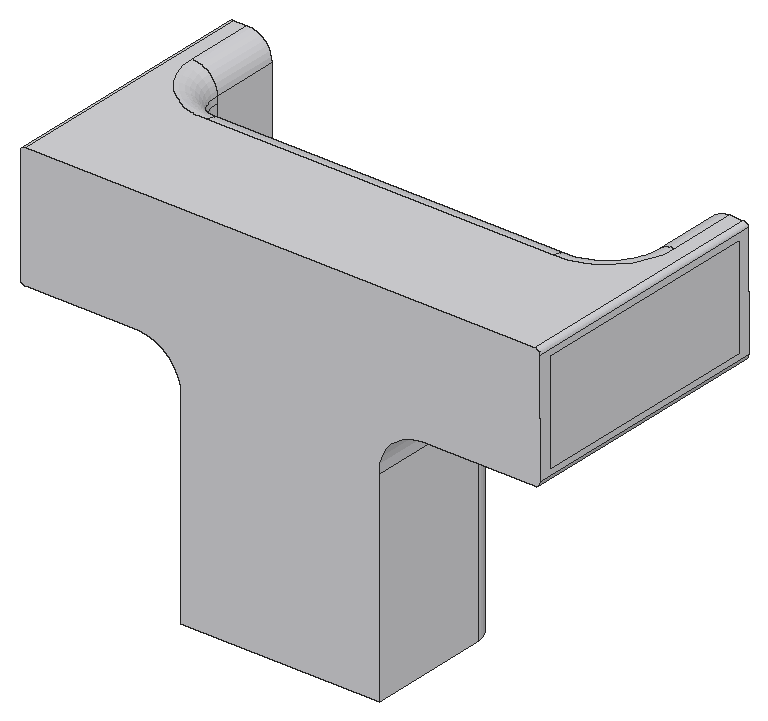
Revit family "Accessory-Robe_Hook-KOHLER-STRAYT-K-37346T_1", category Specialty Equipment, host Face, Revit 2017
Family settings
  Host = Face
  Round Connector Dimension = Use Diameter
  Part Type = Normal
  OmniClass Number = 23.31.25.27
  OmniClass Title = Robe Hooks
  Cut with Voids When Loaded = No
  Shared = No
  Room Calculation Point = No
Parameters (values of type "CP-Polished Chrome")
  Width = 3 79/256"  # constant formula
  White C = Type = 1  # yes
  WaterSense Certified = 1 = 0  # no
  WC = Type = 1  # yes
  URL = "http://www.kohler.com.cn/"
  Type = 1
  Red White C = or(Type = 2, Type = 3)  # no
  Red C = Type = 2  # no
  Product Page URL = "https://www.kohler.com.cn/product/K-37346T-CP/K-37346T-CP/"
  Product Name = "STRAYT"  # constant formula
  Product Documentation Link = "https://files.kohler.com.cn/pdfs/37346t.pdf"
  Model = if(Type = 1, "K-37346T-CP", if(Type = 2, "K-37346T-DPR-CP", if(Type = 3, "K-37346T-DPW-CP", "NA")))  # "K-37346T-CP"
  Material = "Premium Metal Costruction "  # constant formula
  Master Format 2014 Name = "Toilet, Bath, and Laundry Accessories"  # constant formula
  Master Format 2014 = "10 28 00"  # constant formula
  Manufacturer Address = "Kohler Beijing Office (100016) 36-2-03-B, No. 88, Liuxiang Road, Beijing"  # constant formula
  Manufacturer = "KOHLER Co."  # constant formula
  Length = 2 93/256"  # constant formula
  Height = 1 167/256"  # constant formula
  Finish = Kohler-Metal-CP-Polished_Chrome
  Environmental Product Declaration = ""
  Description = "Double hook"  # constant formula
  Default Elevation = 42"
  Declare Label = ""
  Date Modified = "08/28/2020"  # constant formula
  Date Created = "08/28/2020"  # constant formula
  Copyright = "Copyright KOHLER Co."  # constant formula
  Contact Us = "http://www.kohler.com.cn/contact/contact-us/"
  Assembly Code = "C1030200"
  ADA Compliant = 1 = 0  # no
Reference planes (in)
  plane 1 "Center (Front/Back)": y = 0
  plane 2: z = 0
  plane 3 "Center (Left/Right)": x = 0
  plane 4: y = 1.65234
  plane 5: x = -1.65354
  plane 6: x = 1.65505
  plane 7: z = 2.36328
  plane 8: z = 1.5748
  plane 9: y = 0.94488
  plane 10: y = 0.76772
  plane 11: y = 1.21014
  plane 12: x = -1.55512
  plane 13: x = -1.37795
  plane 14: x = -1.1029
  plane 15: x = 1.55512
  plane 16: x = 1.37795
  plane 17: x = 1.1029
  plane 18: x = -1.62487
  plane 19: x = 1.62487
  plane 20: z = 2.18489
  plane 21: z = 1.75197
  plane 22: x = 1.06309
  plane 23: x = -1.06309
  plane 24: x = 0.62992
  plane 25: x = 0.45276
  plane 26: x = -0.62992
  plane 27: x = -0.45276
  plane 28: z = 1.60241
Dimensions and locks (in)
  "Width": plane 5 to plane 6
  "Height": plane 1 "Center (Front/Back)" to plane 4
  "Length": plane 7 to level
  plane 8 to level = 1.5748"
  aligned and locked: plane 2 to host face
  aligned and locked: level to host face
Automatic sketch dimensions
  host sketch curve to host sketch curve = 96"  (x2)
Nested families (in)
  nested 1: "K-37346T" at (0, 0, 0), type "K-37346T"
Definition of nested family "K-37346T"
  Parameters (values of type "K-37346T")
    Withuot Color = yes
    White = yes
    Red White = yes
    Red = yes
    Material = none
  Reference planes (in)
    plane 1 "Center (Front/Back)": y = 0
    plane 2: z = 0
    plane 3 "Center (Left/Right)": x = 0
    plane 4: z = 2.18489
    plane 5: z = 1.75212
    plane 6: x = 1.65354
    plane 7: x = -1.65354
    plane 8: z = 2.3622
    plane 9: y = 1.65354
    plane 10: x = -1.37795
    plane 11: x = 1.37795
    plane 12: x = 1.62487
    plane 13: y = 1.21014
    plane 14: y = 0.94488
    plane 15: y = 0.76772
    plane 16: x = -1.1029
    plane 17: x = 1.1029
    plane 18: x = -1.62487
    plane 19: x = -1.55512
    plane 20: y = 0.02598
    plane 21: y = 1.62487
    plane 22: x = 1.06309
    plane 23: x = 0.45276
    plane 24: x = 0.62992
    plane 25: x = 0.90551
    plane 26: x = -0.45276
    plane 27: x = -0.62992
    plane 28: x = -0.90551
    plane 29: z = 1.5748
    plane 30: z = 2.33523
    plane 31: z = 1.60241
  Forms (in)
    Extrusion 1, void
      sketch origin (0, 0, 0) x (1, 0, 0) y (0, 1, 0)
        loop
          arc (1.10236, 0.94488) -> (1.29723, 1.0256) -> (1.37795, 1.22047) r 0.27559
          line (1.37795, 1.22047) -> (1.37795, 1.77517) -> (-1.37795, 1.77517) -> (-1.37795, 1.22047)
          arc (-1.37795, 1.22047) -> (-1.29723, 1.0256) -> (-1.10236, 0.94488) r 0.27559
          line (-1.10236, 0.94488) -> (1.10236, 0.94488)
      from -0.12272 to 2.56602
    Sweep 2, solid, material <- "Material", detail levels medium+fine
      path in 3D
        loop
          line (-0.62992, 0.94488, 0) -> (-0.62992, 0.94488, 1.29921)
          arc (-0.62992, 0.94488, 1.29921) -> (-0.71064, 0.94488, 1.49408) -> (-0.90551, 0.94488, 1.5748) r 0.27559
          line (-0.90551, 0.94488, 1.5748) -> (-1.10236, 0.94488, 1.5748)
          arc (-1.10236, 0.94488, 1.5748) -> (-1.29723, 1.0256, 1.5748) -> (-1.37795, 1.22047, 1.5748) r 0.27559
          line (-1.37795, 1.22047, 1.5748) -> (-1.37795, 1.65354, 1.5748)
      profile origin (-0.62992, 0.94488, 0.64961) x (0, 1, 0) y (-1, 0, 0)
        loop
          arc (0, -0.15748) -> (-0.04612, -0.04612) -> (-0.15748, 0) r 0.15748
          line (-0.15748, 0) -> (-0.19685, 0) -> (-0.19685, -0.19685) -> (0, -0.19685) -> (0, -0.15748)
    Sweep 3, solid, material <- "Material", detail levels medium+fine
      path in 3D
        loop
          line (1.37795, 1.65354, 2.3622) -> (1.37795, 1.22047, 2.3622)
          arc (1.37795, 1.22047, 2.3622) -> (1.29723, 1.0256, 2.3622) -> (1.10236, 0.94488, 2.3622) r 0.27559
          line (1.10236, 0.94488, 2.3622) -> (-1.10236, 0.94488, 2.3622)
          arc (-1.10236, 0.94488, 2.3622) -> (-1.29723, 1.0256, 2.3622) -> (-1.37795, 1.22047, 2.3622) r 0.27559
          line (-1.37795, 1.22047, 2.3622) -> (-1.37795, 1.65354, 2.3622)
      profile origin (1.37795, 1.43701, 2.3622) x (1, 0, 0) y (0, 0, 1)
        loop
          arc (0.15748, 0) -> (0.04612, -0.04612) -> (0, -0.15748) r 0.15748
          line (0, -0.15748) -> (0, -0.19685) -> (0.19685, -0.19685) -> (0.19685, 0) -> (0.15748, 0)
    Sweep 4, solid, material <- "Material", detail levels medium+fine
      path in 3D
        loop
          line (0.62992, 0.94488, 0) -> (0.62992, 0.94488, 1.29921)
          arc (0.62992, 0.94488, 1.29921) -> (0.71064, 0.94488, 1.49408) -> (0.90551, 0.94488, 1.5748) r 0.27559
          line (0.90551, 0.94488, 1.5748) -> (1.10236, 0.94488, 1.5748)
          arc (1.10236, 0.94488, 1.5748) -> (1.29723, 1.0256, 1.5748) -> (1.37795, 1.22047, 1.5748) r 0.27559
          line (1.37795, 1.22047, 1.5748) -> (1.37795, 1.65354, 1.5748)
      profile origin (0.62992, 0.94488, 0.64961) x (0, -1, 0) y (1, 0, 0)
        loop
          line (0, -0.15748) -> (0, -0.19685) -> (0.19685, -0.19685) -> (0.19685, 0) -> (0.15748, 0)
          arc (0.15748, 0) -> (0.04612, -0.04612) -> (0, -0.15748) r 0.15748
    Extrusion 5, solid, material <- "Material", detail levels medium+fine
      sketch origin (0, 0, 0) x (1, 0, 0) y (0, 0, 1)
        loop
          line (1.5748, 2.16535) -> (-1.5748, 2.16535) -> (-1.5748, 2.3622) -> (-1.65354, 2.3622) -> (-1.65354, 1.5748) -> (-1.5748, 1.5748) -> (-1.5748, 1.77165) -> (-0.90551, 1.77165)
          arc (-0.90551, 1.77165) -> (-0.57145, 1.63328) -> (-0.43307, 1.29921) r 0.47244
          line (-0.43307, 1.29921) -> (-0.43307, 0) -> (0.43307, 0) -> (0.43307, 1.29921)
          arc (0.43307, 1.29921) -> (0.57145, 1.63328) -> (0.90551, 1.77165) r 0.47244
          line (0.90551, 1.77165) -> (1.5748, 1.77165) -> (1.5748, 1.5748) -> (1.65354, 1.5748) -> (1.65354, 2.3622) -> (1.5748, 2.3622) -> (1.5748, 2.16535)
      from -1.65354 to 0
    Extrusion 6, solid, material <- "Material", detail levels medium+fine
      sketch origin (0, 0, 0) x (1, 0, 0) y (0, 1, 0)
        loop
          line (1.10236, 0.74803) -> (-0.43307, 0.74803) -> (-1.10236, 0.74803)
          arc (-1.10236, 0.74803) -> (-1.43643, 0.88641) -> (-1.5748, 1.22047) r 0.47244
          line (-1.5748, 1.22047) -> (-1.5748, 0) -> (1.5748, 0) -> (1.5748, 1.22047)
          arc (1.5748, 1.22047) -> (1.43643, 0.88641) -> (1.10236, 0.74803) r 0.47244
      from 0 to 2.3622
    Extrusion 7, void
      sketch origin (0, 0, 0) x (1, 0, 0) y (0, 0, 1)
        loop
          arc (0.90551, 1.5748) -> (0.71064, 1.49408) -> (0.62992, 1.29921) r 0.27559
          line (0.62992, 1.29921) -> (0.62992, -0.25818) -> (1.65354, -0.25818) -> (1.65354, 1.5748) -> (0.90551, 1.5748)
        loop
          arc (-0.62992, 1.29921) -> (-0.71064, 1.49408) -> (-0.90551, 1.5748) r 0.27559
          line (-0.90551, 1.5748) -> (-1.65354, 1.5748) -> (-1.65354, -0.25818) -> (-0.62992, -0.25818) -> (-0.62992, 1.29921)
      from -1.87388 to 0.32766
    Sweep 8, void
      path in 3D
        loop
          line (1.65354, 0, 1.5748) -> (1.65354, 1.65354, 1.5748)
      profile origin (1.65354, 0.82677, 1.5748) x (1, 0, 0) y (0, 0, -1)
        loop
          arc (-0.03322, 0) -> (-0.00973, -0.00973) -> (0, -0.03322) r 0.03322
          line (0, -0.03322) -> (0, -0.06461) -> (0.03155, -0.06461) -> (0.03155, 0.03175) -> (-0.06531, 0.03175) -> (-0.06531, 0) -> (-0.03322, 0)
        loop
          line (-0.03322, -0.7874) -> (-0.06531, -0.7874) -> (-0.06531, -0.81915) -> (0.03155, -0.81915) -> (0.03155, -0.72279) -> (0, -0.72279) -> (0, -0.75418)
          arc (0, -0.75418) -> (-0.00973, -0.77767) -> (-0.03322, -0.7874) r 0.03322
        loop
          arc (-3.27386, -0.7874) -> (-3.29736, -0.77767) -> (-3.30709, -0.75418) r 0.03322
          line (-3.30709, -0.75418) -> (-3.30709, -0.72279) -> (-3.33863, -0.72279) -> (-3.33863, -0.81915) -> (-3.24177, -0.81915) -> (-3.24177, -0.7874) -> (-3.27386, -0.7874)
        loop
          line (-3.27386, 0) -> (-3.24177, 0) -> (-3.24177, 0.03175) -> (-3.33863, 0.03175) -> (-3.33863, -0.06461) -> (-3.30709, -0.06461) -> (-3.30709, -0.03322)
          arc (-3.30709, -0.03322) -> (-3.29736, -0.00973) -> (-3.27386, 0) r 0.03322
    Extrusion 9, void
      sketch origin (0, 0, 0) x (0, 1, 0) y (0, 0, 1)
        loop
          line (1.58654, 2.29237) -> (0.07746, 2.29237) -> (0.07746, 1.64268) -> (1.58654, 1.64268) -> (1.58654, 2.29237)
      from 1.5748 to 1.74558
    Extrusion 10, void
      sketch origin (0, 0, 0) x (0, 1, 0) y (0, 0, -1)
        loop
          line (1.58654, -2.29237) -> (1.58654, -1.64268) -> (0.07746, -1.64268) -> (0.07746, -2.29237) -> (1.58654, -2.29237)
      from 1.5748 to 1.74558
    Extrusion 11, solid, material <- "Material", visible <- "Red White", detail levels medium+fine
      sketch origin (0, 0, 0) x (0, 1, 0) y (0, 0, 1)
        loop
          line (0.07746, 2.29237) -> (0.07746, 1.64268) -> (1.58654, 1.64268) -> (1.58654, 2.29237) -> (0.07746, 2.29237)
        loop
          arc (0.75212, 2.10087) -> (0.74072, 2.08672) -> (0.74585, 2.06929) r 0.01959
          line (0.74585, 2.06929) -> (0.89311, 1.91688)
          arc (0.89311, 1.91688) -> (0.90847, 1.91226) -> (0.92043, 1.92296) r 0.01641
          line (0.92043, 1.92296) -> (1.01169, 2.18942)
          arc (1.01169, 2.18942) -> (1.00811, 2.20356) -> (0.99372, 2.20599) r 0.01335
          line (0.99372, 2.20599) -> (0.75212, 2.10087)
        loop
          line (0.97083, 2.26378) -> (0.84576, 2.26378)
          arc (0.84576, 2.26378) -> (0.83162, 2.25615) -> (0.83024, 2.24014) r 0.01692
          line (0.83024, 2.24014) -> (0.84498, 2.20606)
          arc (0.84498, 2.20606) -> (0.85599, 2.1954) -> (0.87132, 2.19567) r 0.02
          line (0.87132, 2.19567) -> (0.97557, 2.24102)
          arc (0.97557, 2.24102) -> (0.98245, 2.25433) -> (0.97083, 2.26378) r 0.01187
        loop
          line (0.75725, 2.26378) -> (0.6183, 2.26378)
          arc (0.6183, 2.26378) -> (0.59472, 2.24817) -> (0.59988, 2.22036) r 0.02562
          line (0.59988, 2.22036) -> (0.68117, 2.13622)
          arc (0.68117, 2.13622) -> (0.69841, 2.12683) -> (0.71792, 2.12892) r 0.03286
          line (0.71792, 2.12892) -> (0.79625, 2.163)
          arc (0.79625, 2.163) -> (0.8082, 2.17537) -> (0.80792, 2.19257) r 0.0225
          line (0.80792, 2.19257) -> (0.785, 2.24555)
          arc (0.785, 2.24555) -> (0.77385, 2.25882) -> (0.75725, 2.26378) r 0.03023
        loop
          line (0.55695, 2.17493) -> (0.46983, 2.01158)
          arc (0.46983, 2.01158) -> (0.46396, 1.99162) -> (0.46649, 1.97097) r 0.05134
          line (0.46649, 1.97097) -> (0.48384, 1.91968)
          arc (0.48384, 1.91968) -> (0.49549, 1.90753) -> (0.51228, 1.9087) r 0.01985
          line (0.51228, 1.9087) -> (0.70863, 2.01783)
          arc (0.70863, 2.01783) -> (0.71789, 2.03121) -> (0.71293, 2.0467) r 0.0184
          line (0.71293, 2.0467) -> (0.5852, 2.17889)
          arc (0.5852, 2.17889) -> (0.57007, 2.18411) -> (0.55695, 2.17493) r 0.01765
        loop
          line (0.45054, 1.89527) -> (0.39969, 2.04561)
          arc (0.39969, 2.04561) -> (0.39105, 2.05985) -> (0.3772, 2.06909) r 0.03836
          line (0.3772, 2.06909) -> (0.32844, 2.08797)
          arc (0.32844, 2.08797) -> (0.31192, 2.08827) -> (0.29913, 2.07781) r 0.02398
          line (0.29913, 2.07781) -> (0.1756, 1.86884)
          arc (0.1756, 1.86884) -> (0.17278, 1.8517) -> (0.18228, 1.83715) r 0.02397
          line (0.18228, 1.83715) -> (0.25428, 1.78559)
          arc (0.25428, 1.78559) -> (0.27056, 1.77984) -> (0.28739, 1.7837) r 0.03099
          line (0.28739, 1.7837) -> (0.4403, 1.86875)
          arc (0.4403, 1.86875) -> (0.45022, 1.88016) -> (0.45054, 1.89527) r 0.0222
        loop
          line (0.37488, 2.24182) -> (0.43227, 2.07216)
          arc (0.43227, 2.07216) -> (0.44399, 2.063) -> (0.45704, 2.07013) r 0.01354
          line (0.45704, 2.07013) -> (0.54725, 2.23928)
          arc (0.54725, 2.23928) -> (0.54684, 2.25569) -> (0.53255, 2.26378) r 0.01666
          line (0.53255, 2.26378) -> (0.39064, 2.26378)
          arc (0.39064, 2.26378) -> (0.37712, 2.25684) -> (0.37488, 2.24182) r 0.01663
        loop
          line (0.59644, 1.91043) -> (0.3288, 1.76167)
          arc (0.3288, 1.76167) -> (0.3202, 1.74797) -> (0.32718, 1.73339) r 0.01676
          line (0.32718, 1.73339) -> (0.39768, 1.68289)
          arc (0.39768, 1.68289) -> (0.41382, 1.6787) -> (0.42861, 1.68641) r 0.02322
          line (0.42861, 1.68641) -> (0.61065, 1.89277)
          arc (0.61065, 1.89277) -> (0.61098, 1.90759) -> (0.59644, 1.91043) r 0.0115
        loop
          line (0.31231, 1.69561) -> (0.16175, 1.80343)
          arc (0.16175, 1.80343) -> (0.14626, 1.80668) -> (0.1334, 1.79745) r 0.01965
          line (0.1334, 1.79745) -> (0.09843, 1.73829) -> (0.09843, 1.6944)
          arc (0.09843, 1.6944) -> (0.10463, 1.67943) -> (0.1196, 1.67323) r 0.02118
          line (0.1196, 1.67323) -> (0.30513, 1.67323)
          arc (0.30513, 1.67323) -> (0.31688, 1.6818) -> (0.31231, 1.69561) r 0.01234
        loop
          line (0.12182, 1.85523) -> (0.26108, 2.09081)
          arc (0.26108, 2.09081) -> (0.26264, 2.1064) -> (0.25177, 2.11767) r 0.01864
          line (0.25177, 2.11767) -> (0.12053, 2.1685)
          arc (0.12053, 2.1685) -> (0.10549, 2.16675) -> (0.09843, 2.15335) r 0.01624
          line (0.09843, 2.15335) -> (0.09843, 1.86163)
          arc (0.09843, 1.86163) -> (0.10768, 1.8495) -> (0.12182, 1.85523) r 0.01257
        loop
          line (0.11372, 2.21335) -> (0.34963, 2.12199)
          arc (0.34963, 2.12199) -> (0.36435, 2.12493) -> (0.36793, 2.13951) r 0.01398
          line (0.36793, 2.13951) -> (0.3323, 2.24484)
          arc (0.3323, 2.24484) -> (0.32214, 2.25855) -> (0.3059, 2.26378) r 0.02787
          line (0.3059, 2.26378) -> (0.12314, 2.26378)
          arc (0.12314, 2.26378) -> (0.09749, 2.24248) -> (0.11372, 2.21335) r 0.02609
        loop
          line (0.74362, 1.98399) -> (0.59559, 1.81619)
          arc (0.59559, 1.81619) -> (0.59132, 1.79999) -> (0.60175, 1.78688) r 0.01869
          line (0.60175, 1.78688) -> (0.69763, 1.7424)
          arc (0.69763, 1.7424) -> (0.71642, 1.73832) -> (0.73516, 1.74263) r 0.04404
          line (0.73516, 1.74263) -> (0.86651, 1.80546)
          arc (0.86651, 1.80546) -> (0.89051, 1.83694) -> (0.879, 1.87481) r 0.04343
          line (0.879, 1.87481) -> (0.77288, 1.98466)
          arc (0.77288, 1.98466) -> (0.7581, 1.99073) -> (0.74362, 1.98399) r 0.01992
        loop
          line (0.70435, 1.69589) -> (0.5697, 1.75834)
          arc (0.5697, 1.75834) -> (0.5532, 1.76023) -> (0.53886, 1.75187) r 0.02634
          line (0.53886, 1.75187) -> (0.48956, 1.69599)
          arc (0.48956, 1.69599) -> (0.48735, 1.68129) -> (0.49983, 1.67323) r 0.0137
          line (0.49983, 1.67323) -> (0.69935, 1.67323)
          arc (0.69935, 1.67323) -> (0.71095, 1.68255) -> (0.70435, 1.69589) r 0.01188
        loop
          line (1.05942, 1.8541) -> (0.79068, 1.72554)
          arc (0.79068, 1.72554) -> (0.78239, 1.71231) -> (0.79084, 1.69917) r 0.01458
          line (0.79084, 1.69917) -> (0.84677, 1.67323) -> (1.11601, 1.67323)
          arc (1.11601, 1.67323) -> (1.14348, 1.68832) -> (1.14546, 1.7196) r 0.03254
          line (1.14546, 1.7196) -> (1.08686, 1.84431)
          arc (1.08686, 1.84431) -> (1.07518, 1.85492) -> (1.05942, 1.8541) r 0.02053
        loop
          line (1.08295, 1.94522) -> (1.17072, 1.75842)
          arc (1.17072, 1.75842) -> (1.183, 1.74954) -> (1.19705, 1.75523) r 0.01565
          line (1.19705, 1.75523) -> (1.32297, 1.91078)
          arc (1.32297, 1.91078) -> (1.3253, 1.92585) -> (1.31334, 1.93533) r 0.01516
          line (1.31334, 1.93533) -> (1.09847, 1.96619)
          arc (1.09847, 1.96619) -> (1.08445, 1.96034) -> (1.08295, 1.94522) r 0.01482
        loop
          line (1.05113, 1.92036) -> (1.01468, 1.99793)
          arc (1.01468, 1.99793) -> (1.00043, 2.00644) -> (0.9872, 1.99642) r 0.01484
          line (0.9872, 1.99642) -> (0.94464, 1.87214)
          arc (0.94464, 1.87214) -> (0.94901, 1.85549) -> (0.96605, 1.85308) r 0.01555
          line (0.96605, 1.85308) -> (1.03969, 1.88831)
          arc (1.03969, 1.88831) -> (1.05202, 1.90198) -> (1.05113, 1.92036) r 0.02415
        loop
          line (1.02612, 2.06615) -> (1.04263, 2.03103)
          arc (1.04263, 2.03103) -> (1.05425, 2.01685) -> (1.0712, 2.00988) r 0.03746
          line (1.0712, 2.00988) -> (1.19371, 1.99228)
          arc (1.19371, 1.99228) -> (1.21153, 1.99539) -> (1.22408, 2.00841) r 0.02916
          line (1.22408, 2.00841) -> (1.31456, 2.19473)
          arc (1.31456, 2.19473) -> (1.3178, 2.21204) -> (1.31177, 2.22857) r 0.03333
          line (1.31177, 2.22857) -> (1.28679, 2.26378) -> (1.10157, 2.26378)
          arc (1.10157, 2.26378) -> (1.08302, 2.25783) -> (1.07138, 2.24221) r 0.0319
          line (1.07138, 2.24221) -> (1.02405, 2.10402)
          arc (1.02405, 2.10402) -> (1.0214, 2.08488) -> (1.02612, 2.06615) r 0.05053
        loop
          line (1.21109, 1.67323) -> (1.48151, 1.67323)
          arc (1.48151, 1.67323) -> (1.49287, 1.68192) -> (1.48744, 1.69515) r 0.01176
          line (1.48744, 1.69515) -> (1.31253, 1.79714)
          arc (1.31253, 1.79714) -> (1.29316, 1.80053) -> (1.27625, 1.79049) r 0.02833
          line (1.27625, 1.79049) -> (1.20005, 1.69637)
          arc (1.20005, 1.69637) -> (1.19827, 1.68132) -> (1.21109, 1.67323) r 0.0142
        loop
          line (1.44646, 2.00075) -> (1.33062, 1.85766)
          arc (1.33062, 1.85766) -> (1.32667, 1.84219) -> (1.33585, 1.82912) r 0.01911
          line (1.33585, 1.82912) -> (1.53178, 1.71486)
          arc (1.53178, 1.71486) -> (1.54733, 1.71481) -> (1.55512, 1.72827) r 0.01552
          line (1.55512, 1.72827) -> (1.55512, 1.86324)
          arc (1.55512, 1.86324) -> (1.55183, 1.88442) -> (1.54226, 1.9036) r 0.06976
          line (1.54226, 1.9036) -> (1.47398, 1.99987)
          arc (1.47398, 1.99987) -> (1.46043, 2.00715) -> (1.44646, 2.00075) r 0.01728
        loop
          line (1.48209, 2.05649) -> (1.53143, 1.98692)
          arc (1.53143, 1.98692) -> (1.54603, 1.98204) -> (1.55512, 1.99447) r 0.01305
          line (1.55512, 1.99447) -> (1.55512, 2.13929)
          arc (1.55512, 2.13929) -> (1.54638, 2.15169) -> (1.53175, 2.14764) r 0.01318
          line (1.53175, 2.14764) -> (1.48319, 2.08836)
          arc (1.48319, 2.08836) -> (1.47726, 2.07261) -> (1.48209, 2.05649) r 0.02629
        loop
          line (1.46202, 2.12464) -> (1.55065, 2.23283)
          arc (1.55065, 2.23283) -> (1.55312, 2.25294) -> (1.536, 2.26378) r 0.01894
          line (1.536, 2.26378) -> (1.36542, 2.26378)
          arc (1.36542, 2.26378) -> (1.35148, 2.25529) -> (1.35262, 2.23902) r 0.01569
          line (1.35262, 2.23902) -> (1.43303, 2.12565)
          arc (1.43303, 2.12565) -> (1.44728, 2.11797) -> (1.46202, 2.12464) r 0.01824
        loop
          line (1.33724, 2.15131) -> (1.26666, 2.00595)
          arc (1.26666, 2.00595) -> (1.26696, 1.98936) -> (1.28053, 1.97981) r 0.01832
          line (1.28053, 1.97981) -> (1.35087, 1.96971)
          arc (1.35087, 1.96971) -> (1.36688, 1.97157) -> (1.37989, 1.98109) r 0.03157
          line (1.37989, 1.98109) -> (1.42348, 2.03494)
          arc (1.42348, 2.03494) -> (1.42984, 2.05204) -> (1.42458, 2.06951) r 0.02863
          line (1.42458, 2.06951) -> (1.36494, 2.1536)
          arc (1.36494, 2.1536) -> (1.35044, 2.16035) -> (1.33724, 2.15131) r 0.01615
      from 1.61024 to 1.65354
    Extrusion 12, solid, material <- "Material", visible <- "Red White", detail levels medium+fine
      sketch origin (0, 0, 0) x (0, 1, 0) y (0, 0, -1)
        loop
          line (0.07746, -2.29237) -> (1.58654, -2.29237) -> (1.58654, -1.64268) -> (0.07746, -1.64268) -> (0.07746, -2.29237)
        loop
          line (0.75212, -2.10087) -> (0.99372, -2.20599)
          arc (0.99372, -2.20599) -> (1.00811, -2.20356) -> (1.01169, -2.18942) r 0.01335
          line (1.01169, -2.18942) -> (0.92043, -1.92296)
          arc (0.92043, -1.92296) -> (0.90847, -1.91226) -> (0.89311, -1.91688) r 0.01641
          line (0.89311, -1.91688) -> (0.74585, -2.06929)
          arc (0.74585, -2.06929) -> (0.74072, -2.08672) -> (0.75212, -2.10087) r 0.01959
        loop
          arc (0.97083, -2.26378) -> (0.98245, -2.25433) -> (0.97557, -2.24102) r 0.01187
          line (0.97557, -2.24102) -> (0.87132, -2.19567)
          arc (0.87132, -2.19567) -> (0.85599, -2.1954) -> (0.84498, -2.20606) r 0.02
          line (0.84498, -2.20606) -> (0.83024, -2.24014)
          arc (0.83024, -2.24014) -> (0.83162, -2.25615) -> (0.84576, -2.26378) r 0.01692
          line (0.84576, -2.26378) -> (0.97083, -2.26378)
        loop
          arc (0.75725, -2.26378) -> (0.77385, -2.25882) -> (0.785, -2.24555) r 0.03023
          line (0.785, -2.24555) -> (0.80792, -2.19257)
          arc (0.80792, -2.19257) -> (0.8082, -2.17537) -> (0.79625, -2.163) r 0.0225
          line (0.79625, -2.163) -> (0.71792, -2.12892)
          arc (0.71792, -2.12892) -> (0.69841, -2.12683) -> (0.68117, -2.13622) r 0.03286
          line (0.68117, -2.13622) -> (0.59988, -2.22036)
          arc (0.59988, -2.22036) -> (0.59472, -2.24817) -> (0.6183, -2.26378) r 0.02562
          line (0.6183, -2.26378) -> (0.75725, -2.26378)
        loop
          arc (0.55695, -2.17493) -> (0.57007, -2.18411) -> (0.5852, -2.17889) r 0.01765
          line (0.5852, -2.17889) -> (0.71293, -2.0467)
          arc (0.71293, -2.0467) -> (0.71789, -2.03121) -> (0.70863, -2.01783) r 0.0184
          line (0.70863, -2.01783) -> (0.51228, -1.9087)
          arc (0.51228, -1.9087) -> (0.49549, -1.90753) -> (0.48384, -1.91968) r 0.01985
          line (0.48384, -1.91968) -> (0.46649, -1.97097)
          arc (0.46649, -1.97097) -> (0.46396, -1.99162) -> (0.46983, -2.01158) r 0.05134
          line (0.46983, -2.01158) -> (0.55695, -2.17493)
        loop
          arc (0.45054, -1.89527) -> (0.45022, -1.88016) -> (0.4403, -1.86875) r 0.0222
          line (0.4403, -1.86875) -> (0.28739, -1.7837)
          arc (0.28739, -1.7837) -> (0.27056, -1.77984) -> (0.25428, -1.78559) r 0.03099
          line (0.25428, -1.78559) -> (0.18228, -1.83715)
          arc (0.18228, -1.83715) -> (0.17278, -1.8517) -> (0.1756, -1.86884) r 0.02397
          line (0.1756, -1.86884) -> (0.29913, -2.07781)
          arc (0.29913, -2.07781) -> (0.31192, -2.08827) -> (0.32844, -2.08797) r 0.02398
          line (0.32844, -2.08797) -> (0.3772, -2.06909)
          arc (0.3772, -2.06909) -> (0.39105, -2.05985) -> (0.39969, -2.04561) r 0.03836
          line (0.39969, -2.04561) -> (0.45054, -1.89527)
        loop
          arc (0.37488, -2.24182) -> (0.37712, -2.25684) -> (0.39064, -2.26378) r 0.01663
          line (0.39064, -2.26378) -> (0.53255, -2.26378)
          arc (0.53255, -2.26378) -> (0.54684, -2.25569) -> (0.54725, -2.23928) r 0.01666
          line (0.54725, -2.23928) -> (0.45704, -2.07013)
          arc (0.45704, -2.07013) -> (0.44399, -2.063) -> (0.43227, -2.07216) r 0.01354
          line (0.43227, -2.07216) -> (0.37488, -2.24182)
        loop
          arc (0.59644, -1.91043) -> (0.61098, -1.90759) -> (0.61065, -1.89277) r 0.0115
          line (0.61065, -1.89277) -> (0.42861, -1.68641)
          arc (0.42861, -1.68641) -> (0.41382, -1.6787) -> (0.39768, -1.68289) r 0.02322
          line (0.39768, -1.68289) -> (0.32718, -1.73339)
          arc (0.32718, -1.73339) -> (0.3202, -1.74797) -> (0.3288, -1.76167) r 0.01676
          line (0.3288, -1.76167) -> (0.59644, -1.91043)
        loop
          arc (0.31231, -1.69561) -> (0.31688, -1.6818) -> (0.30513, -1.67323) r 0.01234
          line (0.30513, -1.67323) -> (0.1196, -1.67323)
          arc (0.1196, -1.67323) -> (0.10463, -1.67943) -> (0.09843, -1.6944) r 0.02118
          line (0.09843, -1.6944) -> (0.09843, -1.73829) -> (0.1334, -1.79745)
          arc (0.1334, -1.79745) -> (0.14626, -1.80668) -> (0.16175, -1.80343) r 0.01965
          line (0.16175, -1.80343) -> (0.31231, -1.69561)
        loop
          arc (0.12182, -1.85523) -> (0.10768, -1.8495) -> (0.09843, -1.86163) r 0.01257
          line (0.09843, -1.86163) -> (0.09843, -2.15335)
          arc (0.09843, -2.15335) -> (0.10549, -2.16675) -> (0.12053, -2.1685) r 0.01624
          line (0.12053, -2.1685) -> (0.25177, -2.11767)
          arc (0.25177, -2.11767) -> (0.26264, -2.1064) -> (0.26108, -2.09081) r 0.01864
          line (0.26108, -2.09081) -> (0.12182, -1.85523)
        loop
          arc (0.11372, -2.21335) -> (0.09749, -2.24248) -> (0.12314, -2.26378) r 0.02609
          line (0.12314, -2.26378) -> (0.3059, -2.26378)
          arc (0.3059, -2.26378) -> (0.32214, -2.25855) -> (0.3323, -2.24484) r 0.02787
          line (0.3323, -2.24484) -> (0.36793, -2.13951)
          arc (0.36793, -2.13951) -> (0.36435, -2.12493) -> (0.34963, -2.12199) r 0.01398
          line (0.34963, -2.12199) -> (0.11372, -2.21335)
        loop
          arc (0.74362, -1.98399) -> (0.7581, -1.99073) -> (0.77288, -1.98466) r 0.01992
          line (0.77288, -1.98466) -> (0.879, -1.87481)
          arc (0.879, -1.87481) -> (0.89051, -1.83694) -> (0.86651, -1.80546) r 0.04343
          line (0.86651, -1.80546) -> (0.73516, -1.74263)
          arc (0.73516, -1.74263) -> (0.71642, -1.73832) -> (0.69763, -1.7424) r 0.04404
          line (0.69763, -1.7424) -> (0.60175, -1.78688)
          arc (0.60175, -1.78688) -> (0.59132, -1.79999) -> (0.59559, -1.81619) r 0.01869
          line (0.59559, -1.81619) -> (0.74362, -1.98399)
        loop
          arc (0.70435, -1.69589) -> (0.71095, -1.68255) -> (0.69935, -1.67323) r 0.01188
          line (0.69935, -1.67323) -> (0.49983, -1.67323)
          arc (0.49983, -1.67323) -> (0.48735, -1.68129) -> (0.48956, -1.69599) r 0.0137
          line (0.48956, -1.69599) -> (0.53886, -1.75187)
          arc (0.53886, -1.75187) -> (0.5532, -1.76023) -> (0.5697, -1.75834) r 0.02634
          line (0.5697, -1.75834) -> (0.70435, -1.69589)
        loop
          arc (1.05942, -1.8541) -> (1.07518, -1.85492) -> (1.08686, -1.84431) r 0.02053
          line (1.08686, -1.84431) -> (1.14546, -1.7196)
          arc (1.14546, -1.7196) -> (1.14348, -1.68832) -> (1.11601, -1.67323) r 0.03254
          line (1.11601, -1.67323) -> (0.84677, -1.67323) -> (0.79084, -1.69917)
          arc (0.79084, -1.69917) -> (0.78239, -1.71231) -> (0.79068, -1.72554) r 0.01458
          line (0.79068, -1.72554) -> (1.05942, -1.8541)
        loop
          arc (1.08295, -1.94522) -> (1.08445, -1.96034) -> (1.09847, -1.96619) r 0.01482
          line (1.09847, -1.96619) -> (1.31334, -1.93533)
          arc (1.31334, -1.93533) -> (1.3253, -1.92585) -> (1.32297, -1.91078) r 0.01516
          line (1.32297, -1.91078) -> (1.19705, -1.75523)
          arc (1.19705, -1.75523) -> (1.183, -1.74954) -> (1.17072, -1.75842) r 0.01565
          line (1.17072, -1.75842) -> (1.08295, -1.94522)
        loop
          arc (1.05113, -1.92036) -> (1.05202, -1.90198) -> (1.03969, -1.88831) r 0.02415
          line (1.03969, -1.88831) -> (0.96605, -1.85308)
          arc (0.96605, -1.85308) -> (0.94901, -1.85549) -> (0.94464, -1.87214) r 0.01555
          line (0.94464, -1.87214) -> (0.9872, -1.99642)
          arc (0.9872, -1.99642) -> (1.00043, -2.00644) -> (1.01468, -1.99793) r 0.01484
          line (1.01468, -1.99793) -> (1.05113, -1.92036)
        loop
          arc (1.02612, -2.06615) -> (1.0214, -2.08488) -> (1.02405, -2.10402) r 0.05053
          line (1.02405, -2.10402) -> (1.07138, -2.24221)
          arc (1.07138, -2.24221) -> (1.08302, -2.25783) -> (1.10157, -2.26378) r 0.0319
          line (1.10157, -2.26378) -> (1.28679, -2.26378) -> (1.31177, -2.22857)
          arc (1.31177, -2.22857) -> (1.3178, -2.21204) -> (1.31456, -2.19473) r 0.03333
          line (1.31456, -2.19473) -> (1.22408, -2.00841)
          arc (1.22408, -2.00841) -> (1.21153, -1.99539) -> (1.19371, -1.99228) r 0.02916
          line (1.19371, -1.99228) -> (1.0712, -2.00988)
          arc (1.0712, -2.00988) -> (1.05425, -2.01685) -> (1.04263, -2.03103) r 0.03746
          line (1.04263, -2.03103) -> (1.02612, -2.06615)
        loop
          arc (1.21109, -1.67323) -> (1.19827, -1.68132) -> (1.20005, -1.69637) r 0.0142
          line (1.20005, -1.69637) -> (1.27625, -1.79049)
          arc (1.27625, -1.79049) -> (1.29316, -1.80053) -> (1.31253, -1.79714) r 0.02833
          line (1.31253, -1.79714) -> (1.48744, -1.69515)
          arc (1.48744, -1.69515) -> (1.49287, -1.68192) -> (1.48151, -1.67323) r 0.01176
          line (1.48151, -1.67323) -> (1.21109, -1.67323)
        loop
          arc (1.44646, -2.00075) -> (1.46043, -2.00715) -> (1.47398, -1.99987) r 0.01728
          line (1.47398, -1.99987) -> (1.54226, -1.9036)
          arc (1.54226, -1.9036) -> (1.55183, -1.88442) -> (1.55512, -1.86324) r 0.06976
          line (1.55512, -1.86324) -> (1.55512, -1.72827)
          arc (1.55512, -1.72827) -> (1.54733, -1.71481) -> (1.53178, -1.71486) r 0.01552
          line (1.53178, -1.71486) -> (1.33585, -1.82912)
          arc (1.33585, -1.82912) -> (1.32667, -1.84219) -> (1.33062, -1.85766) r 0.01911
          line (1.33062, -1.85766) -> (1.44646, -2.00075)
        loop
          arc (1.48209, -2.05649) -> (1.47726, -2.07261) -> (1.48319, -2.08836) r 0.02629
          line (1.48319, -2.08836) -> (1.53175, -2.14764)
          arc (1.53175, -2.14764) -> (1.54638, -2.15169) -> (1.55512, -2.13929) r 0.01318
          line (1.55512, -2.13929) -> (1.55512, -1.99447)
          arc (1.55512, -1.99447) -> (1.54603, -1.98204) -> (1.53143, -1.98692) r 0.01305
          line (1.53143, -1.98692) -> (1.48209, -2.05649)
        loop
          arc (1.46202, -2.12464) -> (1.44728, -2.11797) -> (1.43303, -2.12565) r 0.01824
          line (1.43303, -2.12565) -> (1.35262, -2.23902)
          arc (1.35262, -2.23902) -> (1.35148, -2.25529) -> (1.36542, -2.26378) r 0.01569
          line (1.36542, -2.26378) -> (1.536, -2.26378)
          arc (1.536, -2.26378) -> (1.55312, -2.25294) -> (1.55065, -2.23283) r 0.01894
          line (1.55065, -2.23283) -> (1.46202, -2.12464)
        loop
          arc (1.33724, -2.15131) -> (1.35044, -2.16035) -> (1.36494, -2.1536) r 0.01615
          line (1.36494, -2.1536) -> (1.42458, -2.06951)
          arc (1.42458, -2.06951) -> (1.42984, -2.05204) -> (1.42348, -2.03494) r 0.02863
          line (1.42348, -2.03494) -> (1.37989, -1.98109)
          arc (1.37989, -1.98109) -> (1.36688, -1.97157) -> (1.35087, -1.96971) r 0.03157
          line (1.35087, -1.96971) -> (1.28053, -1.97981)
          arc (1.28053, -1.97981) -> (1.26696, -1.98936) -> (1.26666, -2.00595) r 0.01832
          line (1.26666, -2.00595) -> (1.33724, -2.15131)
      from 1.61024 to 1.65354
    Extrusion 13, solid, material <- "Material", visible <- "Withuot Color", detail levels medium+fine
      sketch origin (0, 0, 0) x (1, 0, 0) y (0, 1, 0)
        loop
          line (1.5748, 1.58654) -> (1.5748, 0.07746) -> (1.65354, 0.07746) -> (1.65354, 1.58654) -> (1.5748, 1.58654)
        loop
          line (-1.5748, 1.58654) -> (-1.65354, 1.58654) -> (-1.65354, 0.07746) -> (-1.5748, 0.07746) -> (-1.5748, 1.58654)
      from 1.64268 to 2.29237
    Extrusion 14, solid, material <- "Material", visible <- "Red", detail levels medium+fine
      sketch origin (0, 0, 0) x (1, 0, 0) y (0, 1, 0)
        loop
          line (1.5748, 1.58654) -> (1.5748, 0.07746) -> (1.61417, 0.07746) -> (1.61417, 1.58654) -> (1.5748, 1.58654)
        loop
          line (-1.5748, 1.58654) -> (-1.61417, 1.58654) -> (-1.61417, 0.07746) -> (-1.5748, 0.07746) -> (-1.5748, 1.58654)
      from 1.64268 to 2.29237
    Extrusion 15, solid, material <- "Material", visible <- "White", detail levels medium+fine
      sketch origin (0, 0, 0) x (1, 0, 0) y (0, 1, 0)
        loop
          line (1.5748, 1.58654) -> (1.5748, 0.07746) -> (1.61417, 0.07746) -> (1.61417, 1.58654) -> (1.5748, 1.58654)
        loop
          line (-1.5748, 1.58654) -> (-1.61417, 1.58654) -> (-1.61417, 0.07746) -> (-1.5748, 0.07746) -> (-1.5748, 1.58654)
      from 1.64268 to 2.29237
    Extrusion 16, solid, material <- "Material", detail levels coarse
      sketch origin (0, 0, 0) x (1, 0, 0) y (0, 0, 1)
        loop
          line (1.65354, 2.3622) -> (-1.65354, 2.3622) -> (-1.65354, 1.5748) -> (-0.90551, 1.5748)
          arc (-0.90551, 1.5748) -> (-0.71064, 1.49408) -> (-0.62992, 1.29921) r 0.27559
          line (-0.62992, 1.29921) -> (-0.62992, 0) -> (0.62992, 0) -> (0.62992, 1.29921)
          arc (0.62992, 1.29921) -> (0.71064, 1.49408) -> (0.90551, 1.5748) r 0.27559
          line (0.90551, 1.5748) -> (1.65354, 1.5748) -> (1.65354, 2.3622)
      from -1.65354 to 0
    Extrusion 17, void
      sketch origin (0, 0, 0) x (1, 0, 0) y (0, 1, 0)
        loop
          line (1.37795, 1.80135) -> (-1.37795, 1.80135) -> (-1.37795, 0.98166) -> (1.37795, 0.98166) -> (1.37795, 1.80135)
      from -0.42089 to 3.28906
  Cuts and joins
    Sweep 8, Extrusion 9, Extrusion 10 cuts Sweep 2
    Sweep 8, Extrusion 9, Extrusion 10 cuts Sweep 3
    Sweep 8, Extrusion 9, Extrusion 10 cuts Sweep 4
    Extrusion 1, Sweep 8, Extrusion 9, Extrusion 10 cuts Extrusion 5
    Extrusion 7, Sweep 8, Extrusion 9, Extrusion 10 cuts Extrusion 6
    joined: Sweep 2, Sweep 3, Sweep 4, Extrusion 5, Extrusion 6
    Extrusion 17 cuts Extrusion 16
  Lines and regions (in)
    Masking region 1
      outline origin (0, 0, 0) x (1, 0, 0) y (0, 1, 0)
        loop
          line (-1.65354, 1.62487) -> (-1.65354, 0.02598)
          arc (-1.65354, 0.02598) -> (-1.64593, 0.00761) -> (-1.62757, 0) r 0.02598
          line (-1.62757, 0) -> (1.62591, 0)
          arc (1.62591, 0) -> (1.64545, 0.00809) -> (1.65354, 0.02764) r 0.02764
          line (1.65354, 0.02764) -> (1.65354, 1.62487)
          arc (1.65354, 1.62487) -> (1.64515, 1.64515) -> (1.62487, 1.65354) r 0.02867
          line (1.62487, 1.65354) -> (1.40376, 1.65354)
          arc (1.40376, 1.65354) -> (1.38551, 1.64598) -> (1.37795, 1.62773) r 0.02581
          line (1.37795, 1.62773) -> (1.37795, 1.21993)
          arc (1.37795, 1.21993) -> (1.29739, 1.02544) -> (1.1029, 0.94488) r 0.27505
          line (1.1029, 0.94488) -> (-1.1029, 0.94488)
          arc (-1.1029, 0.94488) -> (-1.29739, 1.02544) -> (-1.37795, 1.21993) r 0.27505
          line (-1.37795, 1.21993) -> (-1.37795, 1.62773)
          arc (-1.37795, 1.62773) -> (-1.38551, 1.64598) -> (-1.40376, 1.65354) r 0.02581
          line (-1.40376, 1.65354) -> (-1.62487, 1.65354)
          arc (-1.62487, 1.65354) -> (-1.64515, 1.64515) -> (-1.65354, 1.62487) r 0.02867
    Masking region 2
      outline origin (0, 0, 0) x (1, 0, 0) y (0, 0, 1)
        loop
          line (1.62673, 2.3622) -> (-1.62651, 2.3622)
          arc (-1.62651, 2.3622) -> (-1.64563, 2.35429) -> (-1.65354, 2.33517) r 0.02703
          line (-1.65354, 2.33517) -> (-1.65354, 1.60176)
          arc (-1.65354, 1.60176) -> (-1.64565, 1.5827) -> (-1.62658, 1.5748) r 0.02696
          line (-1.62658, 1.5748) -> (-0.90551, 1.5748)
          arc (-0.90551, 1.5748) -> (-0.71064, 1.49408) -> (-0.62992, 1.29921) r 0.27559
          line (-0.62992, 1.29921) -> (-0.62992, 0) -> (0.62992, 0) -> (0.62992, 1.29921)
          arc (0.62992, 1.29921) -> (0.71064, 1.49408) -> (0.90551, 1.5748) r 0.27559
          line (0.90551, 1.5748) -> (1.62623, 1.5748)
          arc (1.62623, 1.5748) -> (1.64554, 1.5828) -> (1.65354, 1.60212) r 0.02731
          line (1.65354, 1.60212) -> (1.65354, 2.33539)
          arc (1.65354, 2.33539) -> (1.64569, 2.35435) -> (1.62673, 2.3622) r 0.02682
    Masking region 3
      outline origin (0, 0, 0) x (0, 1, 0) y (0, 0, 1)
        loop
          line (1.62657, 2.3622) -> (0.02672, 2.3622)
          arc (0.02672, 2.3622) -> (0.00783, 2.35438) -> (0, 2.33548) r 0.02672
          line (0, 2.33548) -> (0, 0) -> (0.94488, 0) -> (0.94488, 1.5748) -> (1.62593, 1.5748)
          arc (1.62593, 1.5748) -> (1.64546, 1.58289) -> (1.65354, 1.60241) r 0.02761
          line (1.65354, 1.60241) -> (1.65354, 2.33523)
          arc (1.65354, 2.33523) -> (1.64564, 2.3543) -> (1.62657, 2.3622) r 0.02697
    sketch lines
      curve 1: line (-0.62992, 0.94488, 0) -> (-0.62992, 0.94488, 1.29921)
      curve 2: arc (-0.62992, 0.94488, 1.29921) -> (-0.71064, 0.94488, 1.49408) -> (-0.90551, 0.94488, 1.5748) r 0.27559
      curve 3: line (-0.90551, 0.94488, 1.5748) -> (-1.10236, 0.94488, 1.5748)
      curve 4: arc (-1.37795, 1.22047, 1.5748) -> (-1.29723, 1.0256, 1.5748) -> (-1.10236, 0.94488, 1.5748) r 0.27559
      curve 5: line (-1.37795, 1.22047, 1.5748) -> (-1.37795, 1.65354, 1.5748)
      curve 6: line (1.37795, 1.65354, 2.3622) -> (1.37795, 1.22047, 2.3622)
      curve 7: arc (1.10236, 0.94488, 2.3622) -> (1.29723, 1.0256, 2.3622) -> (1.37795, 1.22047, 2.3622) r 0.27559
      curve 8: line (1.10236, 0.94488, 2.3622) -> (-1.10236, 0.94488, 2.3622)
      curve 9: arc (-1.37795, 1.22047, 2.3622) -> (-1.29723, 1.0256, 2.3622) -> (-1.10236, 0.94488, 2.3622) r 0.27559
      curve 10: line (-1.37795, 1.22047, 2.3622) -> (-1.37795, 1.65354, 2.3622)
      curve 11: line (0.62992, 0.94488, 0) -> (0.62992, 0.94488, 1.29921)
      curve 12: arc (0.62992, 0.94488, 1.29921) -> (0.71064, 0.94488, 1.49408) -> (0.90551, 0.94488, 1.5748) r 0.27559
      curve 13: line (0.90551, 0.94488, 1.5748) -> (1.10236, 0.94488, 1.5748)
      curve 14: arc (1.37795, 1.22047, 1.5748) -> (1.29723, 1.0256, 1.5748) -> (1.10236, 0.94488, 1.5748) r 0.27559
      curve 15: line (1.37795, 1.22047, 1.5748) -> (1.37795, 1.65354, 1.5748)
      curve 16: line (1.65354, 0, 1.5748) -> (1.65354, 1.65354, 1.5748)
    symbolic lines, detail levels medium+fine
      curve 17: line (1.37795, 0, 2.20472) -> (1.37795, 0, 1.73228)
      curve 18: line (-1.37795, 0, 1.73228) -> (-1.37795, 0, 2.20472)
      curve 19: line (1.37795, 0, 1.75197) -> (0.89876, 0, 1.75197)
      curve 20: line (-0.45276, 0, 0) -> (-0.45276, 0, 1.30626)
      curve 21: line (0.45276, 0, 0) -> (0.45276, 0, 1.30597)
      curve 22: arc (1.37795, 0, 2.20472) -> (1.42408, 0, 2.31608) -> (1.53543, 0, 2.3622) r 0.15748
      curve 23: arc (1.37795, 0, 1.73228) -> (1.42408, 0, 1.62093) -> (1.53543, 0, 1.5748) r 0.15748
      curve 24: arc (-1.37795, 0, 2.20472) -> (-1.42408, 0, 2.31608) -> (-1.53543, 0, 2.3622) r 0.15748
      curve 25: arc (-1.53543, 0, 1.5748) -> (-1.41732, 0, 1.62812) -> (-1.37919, 0, 1.75197) r 0.15748
      curve 26: line (-0.89847, 0, 1.75197) -> (-1.37919, 0, 1.75197)
      curve 27: arc (0.89876, 0, 1.75197) -> (0.58339, 0, 1.62134) -> (0.45276, 0, 1.30597) r 0.446
      curve 28: arc (-0.45276, 0, 1.30626) -> (-0.5833, 0, 1.62142) -> (-0.89847, 0, 1.75197) r 0.44571
      curve 176: line (-1.55512, 1.62487, 0) -> (-1.55512, 1.21014, 0)
      curve 177: line (0, 0.76772, 0) -> (-1.11269, 0.76772, 0)
      curve 178: arc (-1.55512, 1.21014, 0) -> (-1.42553, 0.8973, 0) -> (-1.11269, 0.76772, 0) r 0.44243
      curve 179: line (1.55512, 1.62487, 0) -> (1.55512, 1.21014, 0)
      curve 180: line (0, 0.76772, 0) -> (1.11269, 0.76772, 0)
      curve 181: arc (1.55512, 1.21014, 0) -> (1.42553, 0.8973, 0) -> (1.11269, 0.76772, 0) r 0.44243
      curve 182: line (-1.55512, 1.21014, 0) -> (-1.37778, 1.21014, 0)
      curve 183: line (-1.1029, 0.94488, 0) -> (-1.1029, 0.76772, 0)
      curve 184: line (1.55512, 1.21014, 0) -> (1.37778, 1.21014, 0)
      curve 185: line (1.1029, 0.94488, 0) -> (1.1029, 0.76772, 0)
      curve 186: line (-1.65354, 1.62487, 0) -> (-1.37795, 1.62487, 0)
      curve 187: line (-1.62487, 1.62487, 0) -> (-1.62487, 0.00014, 0)
      curve 188: line (-1.65354, 0.02598, 0) -> (1.65349, 0.02598, 0)
      curve 189: line (1.62486, 0, 0) -> (1.62486, 1.62487, 0)
      curve 190: line (1.65354, 1.62487, 0) -> (1.37795, 1.62487, 0)
      curve 191: line (1.62673, 0, 2.3622) -> (1.62673, 0, 1.57481)
      curve 192: line (1.65354, 0, 1.60212) -> (1.54878, 0, 1.60212)
      curve 193: line (1.65354, 0, 2.33539) -> (1.55185, 0, 2.33539)
      curve 194: line (1.40536, 0, 2.1889) -> (1.40536, 0, 1.74554)
      curve 195: arc (1.55185, 0, 2.33539) -> (1.44826, 0, 2.29248) -> (1.40536, 0, 2.1889) r 0.14649
      curve 196: arc (1.54878, 0, 1.60212) -> (1.44737, 0, 1.64413) -> (1.40536, 0, 1.74554) r 0.14343
      curve 197: line (-1.62673, 0, 2.3622) -> (-1.62673, 0, 1.57481)
      curve 198: line (-1.65354, 0, 1.60212) -> (-1.54878, 0, 1.60212)
      curve 199: line (-1.65354, 0, 2.33539) -> (-1.55185, 0, 2.33539)
      curve 200: line (-1.40536, 0, 2.1889) -> (-1.40536, 0, 1.74554)
      curve 201: arc (-1.55185, 0, 2.33539) -> (-1.44826, 0, 2.29248) -> (-1.40536, 0, 2.1889) r 0.14649
      curve 202: arc (-1.54878, 0, 1.60212) -> (-1.44737, 0, 1.64413) -> (-1.40536, 0, 1.74554) r 0.14343
      curve 203: line (0, 1.62593, 1.5748) -> (0, 1.62593, 2.3622)
      curve 204: line (0, 1.65354, 1.60241) -> (0, 0, 1.60241)
      curve 205: line (0, 1.65354, 2.33523) -> (0, 0, 2.33523)
      curve 206: line (0, 0.02672, 2.3622) -> (0, 0.02672, 0)
      curve 207: line (0, 0.76787, 0) -> (0, 0.76787, 1.5748)
      curve 208: line (0.90551, 0, 1.5748) -> (0.90551, 0, 1.75197)
      curve 209: line (0.62992, 0, 1.29921) -> (0.45276, 0, 1.29921)
      curve 210: line (-0.62992, 0, 1.29921) -> (-0.45276, 0, 1.29921)
      curve 211: line (-0.90551, 0, 1.5748) -> (-0.90551, 0, 1.75197)
      curve 212: line (0, 0.94488, 1.5748) -> (0, 0, 1.5748)
    symbolic lines, visible <- "Red White", detail levels medium+fine
      curve 29: line (0, 1.46202, 2.12464) -> (0, 1.55065, 2.23283)
      curve 30: arc (0, 1.55065, 2.23283) -> (0, 1.55312, 2.25294) -> (0, 1.536, 2.26378) r 0.01894
      curve 31: line (0, 1.536, 2.26378) -> (0, 1.36542, 2.26378)
      curve 32: arc (0, 1.36542, 2.26378) -> (0, 1.35148, 2.25529) -> (0, 1.35262, 2.23902) r 0.01569
      curve 33: line (0, 1.35262, 2.23902) -> (0, 1.43303, 2.12565)
      curve 34: arc (0, 1.43303, 2.12565) -> (0, 1.44728, 2.11797) -> (0, 1.46202, 2.12464) r 0.01824
      curve 35: arc (0, 1.48319, 2.08836) -> (0, 1.47726, 2.07261) -> (0, 1.48209, 2.05649) r 0.02629
      curve 36: line (0, 1.48209, 2.05649) -> (0, 1.53143, 1.98692)
      curve 37: arc (0, 1.53143, 1.98692) -> (0, 1.54603, 1.98204) -> (0, 1.55512, 1.99447) r 0.01305
      curve 38: line (0, 1.55512, 1.99447) -> (0, 1.55512, 2.13929)
      curve 39: arc (0, 1.55512, 2.13929) -> (0, 1.54638, 2.15169) -> (0, 1.53175, 2.14764) r 0.01318
      curve 40: line (0, 1.53175, 2.14764) -> (0, 1.48319, 2.08836)
      curve 41: line (0, 1.54226, 1.9036) -> (0, 1.47398, 1.99987)
      curve 42: arc (0, 1.47398, 1.99987) -> (0, 1.46043, 2.00715) -> (0, 1.44646, 2.00075) r 0.01728
      curve 43: line (0, 1.44646, 2.00075) -> (0, 1.33062, 1.85766)
      curve 44: arc (0, 1.33062, 1.85766) -> (0, 1.32667, 1.84219) -> (0, 1.33585, 1.82912) r 0.01911
      curve 45: line (0, 1.33585, 1.82912) -> (0, 1.53178, 1.71486)
      curve 46: arc (0, 1.53178, 1.71486) -> (0, 1.54733, 1.71481) -> (0, 1.55512, 1.72827) r 0.01552
      curve 47: line (0, 1.55512, 1.72827) -> (0, 1.55512, 1.86324)
      curve 48: arc (0, 1.55512, 1.86324) -> (0, 1.55183, 1.88442) -> (0, 1.54226, 1.9036) r 0.06976
      curve 49: line (0, 1.27625, 1.79049) -> (0, 1.20005, 1.69637)
      curve 50: arc (0, 1.20005, 1.69637) -> (0, 1.19827, 1.68132) -> (0, 1.21109, 1.67323) r 0.0142
      curve 51: line (0, 1.21109, 1.67323) -> (0, 1.48151, 1.67323)
      curve 52: arc (0, 1.48151, 1.67323) -> (0, 1.49287, 1.68192) -> (0, 1.48744, 1.69515) r 0.01176
      curve 53: line (0, 1.48744, 1.69515) -> (0, 1.31253, 1.79714)
      curve 54: arc (0, 1.31253, 1.79714) -> (0, 1.29316, 1.80053) -> (0, 1.27625, 1.79049) r 0.02833
      curve 55: line (0, 1.19705, 1.75523) -> (0, 1.32297, 1.91078)
      curve 56: arc (0, 1.32297, 1.91078) -> (0, 1.3253, 1.92585) -> (0, 1.31334, 1.93533) r 0.01516
      curve 57: line (0, 1.31334, 1.93533) -> (0, 1.09847, 1.96619)
      curve 58: arc (0, 1.09847, 1.96619) -> (0, 1.08445, 1.96034) -> (0, 1.08295, 1.94522) r 0.01482
      curve 59: line (0, 1.08295, 1.94522) -> (0, 1.17072, 1.75842)
      curve 60: arc (0, 1.17072, 1.75842) -> (0, 1.183, 1.74954) -> (0, 1.19705, 1.75523) r 0.01565
      curve 61: line (0, 1.28053, 1.97981) -> (0, 1.35087, 1.96971)
      curve 62: arc (0, 1.35087, 1.96971) -> (0, 1.36688, 1.97157) -> (0, 1.37989, 1.98109) r 0.03157
      curve 63: line (0, 1.37989, 1.98109) -> (0, 1.42348, 2.03494)
      curve 64: arc (0, 1.42348, 2.03494) -> (0, 1.42984, 2.05204) -> (0, 1.42458, 2.06951) r 0.02863
      curve 65: line (0, 1.42458, 2.06951) -> (0, 1.36494, 2.1536)
      curve 66: arc (0, 1.36494, 2.1536) -> (0, 1.35044, 2.16035) -> (0, 1.33724, 2.15131) r 0.01615
      curve 67: line (0, 1.33724, 2.15131) -> (0, 1.26666, 2.00595)
      curve 68: arc (0, 1.26666, 2.00595) -> (0, 1.26696, 1.98936) -> (0, 1.28053, 1.97981) r 0.01832
      curve 69: line (0, 1.22408, 2.00841) -> (0, 1.31456, 2.19473)
      curve 70: arc (0, 1.31456, 2.19473) -> (0, 1.3178, 2.21204) -> (0, 1.31177, 2.22857) r 0.03333
      curve 71: line (0, 1.31177, 2.22857) -> (0, 1.28679, 2.26378)
      curve 72: line (0, 1.28679, 2.26378) -> (0, 1.10157, 2.26378)
      curve 73: arc (0, 1.10157, 2.26378) -> (0, 1.08302, 2.25783) -> (0, 1.07138, 2.24221) r 0.0319
      curve 74: line (0, 1.07138, 2.24221) -> (0, 1.02405, 2.10402)
      curve 75: arc (0, 1.02405, 2.10402) -> (0, 1.0214, 2.08488) -> (0, 1.02612, 2.06615) r 0.05053
      curve 76: line (0, 1.02612, 2.06615) -> (0, 1.04263, 2.03103)
      curve 77: arc (0, 1.04263, 2.03103) -> (0, 1.05425, 2.01685) -> (0, 1.0712, 2.00988) r 0.03746
      curve 78: line (0, 1.0712, 2.00988) -> (0, 1.19371, 1.99228)
      curve 79: arc (0, 1.19371, 1.99228) -> (0, 1.21153, 1.99539) -> (0, 1.22408, 2.00841) r 0.02916
      curve 80: line (0, 1.14546, 1.7196) -> (0, 1.08686, 1.84431)
      curve 81: arc (0, 1.08686, 1.84431) -> (0, 1.07518, 1.85492) -> (0, 1.05942, 1.8541) r 0.02053
      curve 82: line (0, 1.05942, 1.8541) -> (0, 0.79068, 1.72554)
      curve 83: arc (0, 0.79068, 1.72554) -> (0, 0.78239, 1.71231) -> (0, 0.79084, 1.69917) r 0.01458
      curve 84: line (0, 0.79084, 1.69917) -> (0, 0.84677, 1.67323)
      curve 85: line (0, 0.84677, 1.67323) -> (0, 1.11601, 1.67323)
      curve 86: arc (0, 1.11601, 1.67323) -> (0, 1.14348, 1.68832) -> (0, 1.14546, 1.7196) r 0.03254
      curve 87: arc (0, 1.03969, 1.88831) -> (0, 1.05202, 1.90198) -> (0, 1.05113, 1.92036) r 0.02415
      curve 88: line (0, 1.05113, 1.92036) -> (0, 1.01468, 1.99793)
      curve 89: arc (0, 1.01468, 1.99793) -> (0, 1.00043, 2.00644) -> (0, 0.9872, 1.99642) r 0.01484
      curve 90: line (0, 0.9872, 1.99642) -> (0, 0.94464, 1.87214)
      curve 91: arc (0, 0.94464, 1.87214) -> (0, 0.94901, 1.85549) -> (0, 0.96605, 1.85308) r 0.01555
      curve 92: line (0, 0.96605, 1.85308) -> (0, 1.03969, 1.88831)
      curve 93: line (0, 0.92043, 1.92296) -> (0, 1.01169, 2.18942)
      curve 94: arc (0, 1.01169, 2.18942) -> (0, 1.00811, 2.20356) -> (0, 0.99372, 2.20599) r 0.01335
      curve 95: line (0, 0.99372, 2.20599) -> (0, 0.75212, 2.10087)
      curve 96: arc (0, 0.75212, 2.10087) -> (0, 0.74072, 2.08672) -> (0, 0.74585, 2.06929) r 0.01959
      curve 97: line (0, 0.74585, 2.06929) -> (0, 0.89311, 1.91688)
      curve 98: arc (0, 0.89311, 1.91688) -> (0, 0.90847, 1.91226) -> (0, 0.92043, 1.92296) r 0.01641
      curve 99: line (0, 0.87132, 2.19567) -> (0, 0.97557, 2.24102)
      curve 100: arc (0, 0.97557, 2.24102) -> (0, 0.98245, 2.25433) -> (0, 0.97083, 2.26378) r 0.01187
      curve 101: line (0, 0.97083, 2.26378) -> (0, 0.84576, 2.26378)
      curve 102: arc (0, 0.84576, 2.26378) -> (0, 0.83162, 2.25615) -> (0, 0.83024, 2.24014) r 0.01692
      curve 103: line (0, 0.83024, 2.24014) -> (0, 0.84498, 2.20606)
      curve 104: arc (0, 0.84498, 2.20606) -> (0, 0.85599, 2.1954) -> (0, 0.87132, 2.19567) r 0.02
      curve 105: line (0, 0.75725, 2.26378) -> (0, 0.6183, 2.26378)
      curve 106: arc (0, 0.6183, 2.26378) -> (0, 0.59472, 2.24817) -> (0, 0.59988, 2.22036) r 0.02562
      curve 107: line (0, 0.59988, 2.22036) -> (0, 0.68117, 2.13622)
      curve 108: arc (0, 0.68117, 2.13622) -> (0, 0.69841, 2.12683) -> (0, 0.71792, 2.12892) r 0.03286
      curve 109: line (0, 0.71792, 2.12892) -> (0, 0.79625, 2.163)
      curve 110: arc (0, 0.79625, 2.163) -> (0, 0.8082, 2.17537) -> (0, 0.80792, 2.19257) r 0.0225
      curve 111: line (0, 0.80792, 2.19257) -> (0, 0.785, 2.24555)
      curve 112: arc (0, 0.785, 2.24555) -> (0, 0.77385, 2.25882) -> (0, 0.75725, 2.26378) r 0.03023
      curve 113: arc (0, 0.77288, 1.98466) -> (0, 0.7581, 1.99073) -> (0, 0.74362, 1.98399) r 0.01992
      curve 114: line (0, 0.74362, 1.98399) -> (0, 0.59559, 1.81619)
      curve 115: arc (0, 0.59559, 1.81619) -> (0, 0.59132, 1.79999) -> (0, 0.60175, 1.78688) r 0.01869
      curve 116: line (0, 0.60175, 1.78688) -> (0, 0.69763, 1.7424)
      curve 117: arc (0, 0.69763, 1.7424) -> (0, 0.71642, 1.73832) -> (0, 0.73516, 1.74263) r 0.04404
      curve 118: line (0, 0.73516, 1.74263) -> (0, 0.86651, 1.80546)
      curve 119: arc (0, 0.86651, 1.80546) -> (0, 0.89051, 1.83694) -> (0, 0.879, 1.87481) r 0.04343
      curve 120: line (0, 0.879, 1.87481) -> (0, 0.77288, 1.98466)
      curve 121: line (0, 0.70435, 1.69589) -> (0, 0.5697, 1.75834)
      curve 122: arc (0, 0.5697, 1.75834) -> (0, 0.5532, 1.76023) -> (0, 0.53886, 1.75187) r 0.02634
      curve 123: line (0, 0.53886, 1.75187) -> (0, 0.48956, 1.69599)
      curve 124: arc (0, 0.48956, 1.69599) -> (0, 0.48735, 1.68129) -> (0, 0.49983, 1.67323) r 0.0137
      curve 125: line (0, 0.49983, 1.67323) -> (0, 0.69935, 1.67323)
      curve 126: arc (0, 0.69935, 1.67323) -> (0, 0.71095, 1.68255) -> (0, 0.70435, 1.69589) r 0.01188
      curve 127: line (0, 0.42861, 1.68641) -> (0, 0.61065, 1.89277)
      curve 128: arc (0, 0.61065, 1.89277) -> (0, 0.61098, 1.90759) -> (0, 0.59644, 1.91043) r 0.0115
      curve 129: line (0, 0.59644, 1.91043) -> (0, 0.3288, 1.76167)
      curve 130: arc (0, 0.3288, 1.76167) -> (0, 0.3202, 1.74797) -> (0, 0.32718, 1.73339) r 0.01676
      curve 131: line (0, 0.32718, 1.73339) -> (0, 0.39768, 1.68289)
      curve 132: arc (0, 0.39768, 1.68289) -> (0, 0.41382, 1.6787) -> (0, 0.42861, 1.68641) r 0.02322
      curve 133: line (0, 0.51228, 1.9087) -> (0, 0.70863, 2.01783)
      curve 134: arc (0, 0.70863, 2.01783) -> (0, 0.71789, 2.03121) -> (0, 0.71293, 2.0467) r 0.0184
      curve 135: line (0, 0.71293, 2.0467) -> (0, 0.5852, 2.17889)
      curve 136: arc (0, 0.5852, 2.17889) -> (0, 0.57007, 2.18411) -> (0, 0.55695, 2.17493) r 0.01765
      curve 137: line (0, 0.55695, 2.17493) -> (0, 0.46983, 2.01158)
      curve 138: arc (0, 0.46983, 2.01158) -> (0, 0.46396, 1.99162) -> (0, 0.46649, 1.97097) r 0.05134
      curve 139: line (0, 0.46649, 1.97097) -> (0, 0.48384, 1.91968)
      curve 140: arc (0, 0.48384, 1.91968) -> (0, 0.49549, 1.90753) -> (0, 0.51228, 1.9087) r 0.01985
      curve 141: line (0, 0.45704, 2.07013) -> (0, 0.54725, 2.23928)
      curve 142: arc (0, 0.54725, 2.23928) -> (0, 0.54684, 2.25569) -> (0, 0.53255, 2.26378) r 0.01666
      curve 143: line (0, 0.53255, 2.26378) -> (0, 0.39064, 2.26378)
      curve 144: arc (0, 0.39064, 2.26378) -> (0, 0.37712, 2.25684) -> (0, 0.37488, 2.24182) r 0.01663
      curve 145: line (0, 0.37488, 2.24182) -> (0, 0.43227, 2.07216)
      curve 146: arc (0, 0.43227, 2.07216) -> (0, 0.44399, 2.063) -> (0, 0.45704, 2.07013) r 0.01354
      curve 147: line (0, 0.11372, 2.21335) -> (0, 0.34963, 2.12199)
      curve 148: arc (0, 0.34963, 2.12199) -> (0, 0.36435, 2.12493) -> (0, 0.36793, 2.13951) r 0.01398
      curve 149: line (0, 0.36793, 2.13951) -> (0, 0.3323, 2.24484)
      curve 150: arc (0, 0.3323, 2.24484) -> (0, 0.32214, 2.25855) -> (0, 0.3059, 2.26378) r 0.02787
      curve 151: line (0, 0.3059, 2.26378) -> (0, 0.12314, 2.26378)
      curve 152: arc (0, 0.12314, 2.26378) -> (0, 0.09749, 2.24248) -> (0, 0.11372, 2.21335) r 0.02609
      curve 153: line (0, 0.45054, 1.89527) -> (0, 0.39969, 2.04561)
